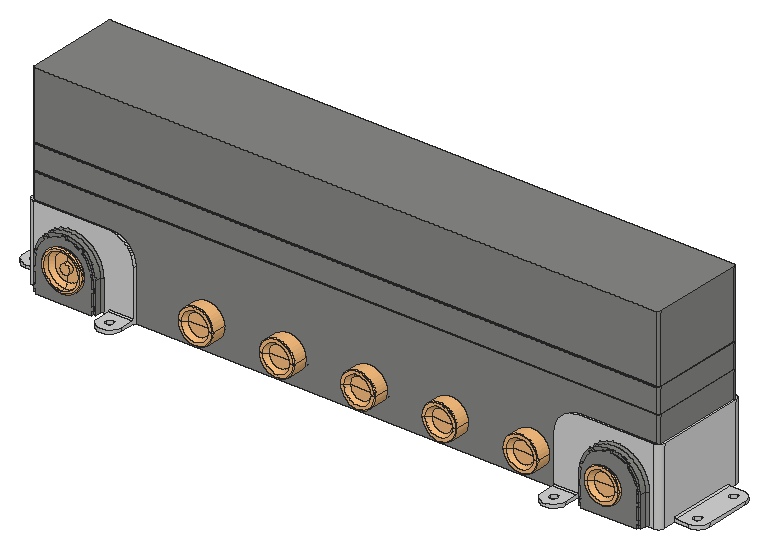
Revit family "Valve-Six_Outlet_Thermostatic-KOHLER-26344W_1", category Plumbing Fixtures, host Face, Revit 2017 (continued)
Definition of nested family "26344W"
  Lines and regions (in)
    symbolic lines, detail levels medium+fine
      curve 164: arc (2.74684, 0, 0.88574) -> (3.29801, 0, 0.33456) -> (3.84919, 0, 0.88574) r 0.55118
      curve 165: arc (2.76518, 0, 0.88574) -> (3.29801, 0, 0.3529) -> (3.83085, 0, 0.88574) r 0.53284
      curve 166: arc (3.72974, 0, 0.88574) -> (3.29801, 0, 0.45401) -> (2.86629, 0, 0.88574) r 0.43173
      curve 167: arc (3.63955, 0, 0.88574) -> (3.29801, 0, 0.54421) -> (2.95648, 0, 0.88574) r 0.34154
      curve 168: arc (3.29918, 0, 1.03768) -> (3.14926, 0, 0.88777) -> (3.29918, 0, 0.73785) r 0.14992
      curve 169: arc (3.29918, 0, 0.73785) -> (3.44909, 0, 0.88777) -> (3.29918, 0, 1.03768) r 0.14992
      curve 170: arc (2.95648, 0, 0.88574) -> (3.29801, 0, 1.22728) -> (3.63955, 0, 0.88574) r 0.34154
      curve 171: arc (2.86629, 0, 0.88574) -> (3.29801, 0, 1.31747) -> (3.72974, 0, 0.88574) r 0.43173
      curve 172: arc (3.83085, 0, 0.88574) -> (3.29801, 0, 1.41858) -> (2.76518, 0, 0.88574) r 0.53284
      curve 173: arc (3.84919, 0, 0.88574) -> (3.29801, 0, 1.43692) -> (2.74684, 0, 0.88574) r 0.55118
      curve 174: line (9.97041, 0, 0.01969) -> (9.97041, 0, 0.17181)
      curve 175: line (9.99852, 0, 0.01969) -> (9.64344, 0, 0.01969)
      curve 176: line (-9.97044, 0, 0.01969) -> (-9.97044, 0, 0.17181)
      curve 177: line (-9.99855, 0, 0.01969) -> (-9.64347, 0, 0.01969)
      curve 178: line (0, 1.84826, 0.01969) -> (0, 1.84826, 1.91975)
      curve 179: line (0, 1.84826, 0.01969) -> (0, 1.59449, 0.01969)
      curve 180: line (0, 1.59449, 0) -> (0, 1.59449, 2.01706)
      curve 181: line (0, 1.92913, 0.32868) -> (0, 1.92913, 1.63661)
      curve 182: line (0, 1.51532, 2.38189) -> (0, -1.51575, 2.38189)
      curve 183: line (0, -1.84826, 0.01969) -> (0, -1.84826, 1.91975)
      curve 184: line (0, -1.84826, 0.01969) -> (0, -1.59449, 0.01969)
      curve 185: line (0, -1.59449, 0) -> (0, -1.59449, 2.01706)
      curve 186: line (0, -1.92913, 0.32868) -> (0, -1.92913, 1.63661)
      curve 187: line (0, 1.92913, 0.11829) -> (0, 1.92913, 0)
      curve 188: line (0, -1.92913, 0.11829) -> (0, -1.92913, 0)
      curve 189: line (0, -1.96296, 0.01953) -> (0, -1.92913, 0.01953)
      curve 190: line (0, 1.96296, 0.01953) -> (0, 1.92913, 0.01953)
      curve 191: line (9.87198, 0, 5.63386) -> (-9.87206, 0, 5.63386)
      curve 192: line (0, 1.51532, 5.63386) -> (0, -1.51575, 5.63386)
      curve 193: arc (6.40728, 0, 0.88557) -> (5.85611, 0, 1.43675) -> (5.30493, 0, 0.88557) r 0.55118
      curve 194: arc (6.38894, 0, 0.88557) -> (5.85611, 0, 1.41841) -> (5.32327, 0, 0.88557) r 0.53284
      curve 195: arc (5.42438, 0, 0.88557) -> (5.85611, 0, 1.3173) -> (6.28783, 0, 0.88557) r 0.43173
      curve 196: arc (5.51457, 0, 0.88557) -> (5.85611, 0, 1.22711) -> (6.19764, 0, 0.88557) r 0.34154
      curve 197: arc (6.19764, 0, 0.88557) -> (5.85611, 0, 0.54404) -> (5.51457, 0, 0.88557) r 0.34154
      curve 198: arc (6.28783, 0, 0.88557) -> (5.85611, 0, 0.45385) -> (5.42438, 0, 0.88557) r 0.43173
      curve 199: arc (5.32327, 0, 0.88557) -> (5.85611, 0, 0.35274) -> (6.38894, 0, 0.88557) r 0.53284
      curve 200: arc (5.30493, 0, 0.88557) -> (5.85611, 0, 0.3344) -> (6.40728, 0, 0.88557) r 0.55118
      curve 201: arc (5.85726, 0, 1.03768) -> (5.70734, 0, 0.88777) -> (5.85726, 0, 0.73785) r 0.14992
      curve 202: arc (5.85726, 0, 0.73785) -> (6.00717, 0, 0.88777) -> (5.85726, 0, 1.03768) r 0.14992
      curve 203: arc (-9.79471, 1.51532, 0.88574) -> (-9.84906, 1.49281, 0.88574) -> (-9.87157, 1.43846, 0.88574) r 0.07686
      curve 204: arc (9.79328, -1.51575, 0.88574) -> (9.84897, -1.49268, 0.88574) -> (9.87204, -1.43698, 0.88574) r 0.07876
      curve 205: line (-9.79428, -1.51575, 0.88574) -> (9.79328, -1.51575, 0.88574)
    reference lines
      curve 206: line (-1.82014, 1.51532, 0.88574) -> (-1.82014, 7.19166, 0.88574)
      curve 207: line (0.73818, 1.51532, 0.88574) -> (0.73818, 7.19166, 0.88574)
      curve 208: line (3.29803, 1.51532, 0.88574) -> (3.29803, 7.19166, 0.88574)
      curve 209: line (5.85611, 1.51532, 0.88574) -> (5.85611, 7.19166, 0.88574)
      curve 217: line (8.41418, 1.51532, 0.88574) -> (8.41418, 5.9687, 0.88574)
      curve 218: line (-4.37846, 1.51532, 0.88574) -> (-4.37846, 6.69166, 0.88574)
    symbolic lines, detail levels coarse
      curve 210: line (-1.08357, 0, 4.80273) -> (1.08179, 0, 3.62163)
      curve 211: line (1.08179, 0, 4.80273) -> (-1.08357, 0, 3.62163)
      curve 212: line (-1.08357, 0, 3.62163) -> (-1.08357, 0, 4.80273)
      curve 213: line (1.08179, 0, 4.80273) -> (1.08179, 0, 3.62163)
      curve 214: line (-0.00089, 0, 4.21218) -> (-0.00089, 0, 3.14646)
      curve 215: line (-1.10075, 0, 3.14646) -> (1.06461, 0, 3.14646)
      curve 216: arc (-1.10075, 0, 3.14646) -> (-0.01807, 0, 2.38189) -> (1.06461, 0, 3.14646) r 1.14885
  Dimensions and locks (in)
    "Connector 2 Dist": plane 79 "C" to plane 61
    "Connector 3 Dist": plane 61 to plane 80 "D"
    "Connector 4 Dist": plane 61 to plane 81 "E"
    "Connector 5 Dist": plane 82 "F" to plane 61
    "Connector 6 Dist": plane 84 "G" to plane 61
    "Connector 1 Dist": plane 85 "B" to plane 61
    "Connector 2 Angle": angle curve 206 to plane 30
    "Connector 3 Angle": angle plane 36 to curve 207
    "Connector 4 Angle": angle curve 208 to plane 39
    "Connector 5 Angle": angle plane 42 to curve 209
    "Connector 6 Angle": angle plane 83 to curve 217
    "Connector 1 Angle": angle plane 33 to curve 218
    aligned and locked: plane 2 to level
    aligned and locked: plane 79 "C" to curve 206
    aligned and locked: plane 80 "D" to curve 207
    aligned and locked: plane 81 "E" to curve 208
    aligned and locked: plane 82 "F" to curve 209
    aligned and locked: Revolve 27 sketch curve to curve 206
    aligned and locked: Revolve 27 sketch curve to Revolve 27 sketch curve
    aligned and locked: Revolve 28 sketch curve to curve 207
    aligned and locked: Revolve 28 sketch curve to Revolve 28 sketch curve
    aligned and locked: Revolve 29 sketch curve to curve 208
    aligned and locked: Revolve 29 sketch curve to Revolve 29 sketch curve
    aligned and locked: Revolve 30 sketch curve to curve 209
    aligned and locked: Revolve 30 sketch curve to Revolve 30 sketch curve
    aligned and locked: plane 84 "G" to curve 217
    aligned and locked: Revolve 34 sketch curve to curve 217
    aligned and locked: Revolve 34 sketch curve to Revolve 34 sketch curve
    aligned and locked: plane 85 "B" to curve 218
    aligned and locked: Revolve 42 sketch curve to curve 218
    aligned and locked: Revolve 42 sketch curve to Revolve 42 sketch curve
    aligned and locked: Extrusion 35 to cut or joined group of Extrusion 1, Sweep 3, Extrusion 4, Sweep 16, Extrusion 17, Sweep 22, Extrusion 23, Extrusion 24, Extrusion 25, Extrusion 26
  Automatic sketch dimensions
    curve 1 to plane 14 = 0.00006"
    curve 3 to plane 66 = 0.00112"
    curve 3 to plane 24 = 0.02068"
    curve 2 to plane 53 = 0.01832"
    curve 4 to plane 45 = 0"
    curve 2 to plane 24 = 0.02068"
    curve 4 to plane 66 = 0.00061"
    curve 1 to plane 64 = 0.00149"
    curve 189 to plane 7 = 0"
    curve 188 to level = 0"
    plane 6 to curve 188 = 0"
    curve 185 to level = 0"
    curve 192 to plane 11 = 0"
    plane 8 to curve 182 = 0"
    curve 180 to level = 0"
    plane 6 to curve 187 = 0"
    curve 187 to level = 0"
    curve 190 to plane 7 = 0"
    plane 7 to curve 183 = 0.00015"
    plane 78 to curve 183 = 0.12046"
    plane 7 to curve 178 = 0.00015"
    plane 77 to curve 178 = 0.12044"
    curve 182 to plane 61 = 0.00018"
    curve 192 to plane 61 = 0.00018"
    plane 63 to curve 184 = 0.00018"
    plane 78 to curve 186 = 0.03959"
    plane 78 to curve 188 = 0.03959"
    plane 78 to curve 189 = 0.00576"
    curve 179 to plane 62 = 0.00018"
    plane 77 to curve 187 = 0.03956"
    plane 77 to curve 181 = 0.03956"
    plane 77 to curve 190 = 0.00574"
    plane 9 to curve 186 = 0.17484"
    plane 9 to curve 181 = 0.17484"
    plane 5 to curve 181 = 0.64739"
    plane 5 to curve 186 = 0.64739"
    curve 186 to curve 183 = 0.28314"
    curve 181 to curve 178 = 0.28314"
    curve 183 to curve 185 = 0.09731"
    curve 178 to curve 180 = 0.09731"
    curve 9 to curve 27 = 0"  (x2)
    curve 9 to curve 31 = 0"  (x2)
    curve 9 to curve 35 = 0"  (x2)
    curve 9 to curve 39 = 0"  (x2)
    curve 9 to curve 43 = 0"  (x2)
    curve 25 to curve 29 = 0"  (x2)
    curve 25 to curve 33 = 0"  (x2)
    curve 25 to curve 37 = 0"  (x2)
    curve 25 to curve 41 = 0"  (x2)
    curve 25 to curve 45 = 0"  (x2)
    curve 27 to curve 31 = 0"  (x2)
    curve 27 to curve 35 = 0"  (x2)
    curve 27 to curve 39 = 0"  (x2)
    curve 27 to curve 43 = 0"  (x2)
    curve 29 to curve 33 = 0"  (x2)
    curve 29 to curve 37 = 0"  (x2)
    curve 29 to curve 41 = 0"  (x2)
    curve 29 to curve 45 = 0"  (x2)
    curve 31 to curve 35 = 0"  (x2)
    curve 31 to curve 39 = 0"  (x2)
    curve 31 to curve 43 = 0"  (x2)
    curve 33 to curve 37 = 0"  (x2)
    curve 33 to curve 41 = 0"  (x2)
    curve 33 to curve 45 = 0"  (x2)
    curve 35 to curve 39 = 0"  (x2)
    curve 35 to curve 43 = 0"  (x2)
    curve 37 to curve 41 = 0"  (x2)
    curve 37 to curve 45 = 0"  (x2)
    curve 39 to curve 43 = 0"  (x2)
    curve 41 to curve 45 = 0"  (x2)
    curve 56 to curve 57 = 0"  (x2)
    curve 56 to curve 58 = 0"  (x2)
    curve 56 to curve 59 = 0"  (x2)
    curve 56 to curve 60 = 0"  (x2)
    curve 56 to curve 61 = 0"  (x2)
    curve 56 to curve 62 = 0"  (x2)
    curve 56 to curve 63 = 0"  (x2)
    curve 57 to curve 58 = 0"  (x2)
    curve 57 to curve 59 = 0"  (x2)
    curve 57 to curve 60 = 0"  (x2)
    curve 57 to curve 61 = 0"  (x2)
    curve 57 to curve 62 = 0"  (x2)
    curve 57 to curve 63 = 0"  (x2)
    curve 58 to curve 59 = 0"  (x2)
    curve 58 to curve 60 = 0"  (x2)
    curve 58 to curve 61 = 0"  (x2)
    curve 58 to curve 62 = 0"  (x2)
    curve 58 to curve 63 = 0"  (x2)
    curve 59 to curve 60 = 0"  (x2)
    curve 59 to curve 61 = 0"  (x2)
    curve 59 to curve 62 = 0"  (x2)
    curve 59 to curve 63 = 0"  (x2)
    curve 60 to curve 61 = 0"  (x2)
    curve 60 to curve 62 = 0"  (x2)
    curve 60 to curve 63 = 0"  (x2)
    curve 61 to curve 62 = 0"  (x2)
    curve 61 to curve 63 = 0"  (x2)
    curve 62 to curve 63 = 0"  (x2)
    curve 64 to curve 65 = 0"  (x2)
    curve 70 to curve 88 = 0"  (x2)
    curve 70 to curve 92 = 0"  (x2)
    curve 70 to curve 96 = 0"  (x2)
    curve 70 to curve 100 = 0"  (x2)
    curve 70 to curve 104 = 0"  (x2)
    curve 86 to curve 90 = 0"  (x2)
    curve 86 to curve 94 = 0"  (x2)
    curve 86 to curve 98 = 0"  (x2)
    curve 86 to curve 102 = 0"  (x2)
    curve 86 to curve 106 = 0"  (x2)
    curve 88 to curve 92 = 0"  (x2)
    curve 88 to curve 96 = 0"  (x2)
    curve 88 to curve 100 = 0"  (x2)
    curve 88 to curve 104 = 0"  (x2)
    curve 90 to curve 94 = 0"  (x2)
    curve 90 to curve 98 = 0"  (x2)
    curve 90 to curve 102 = 0"  (x2)
    curve 90 to curve 106 = 0"  (x2)
    curve 92 to curve 96 = 0"  (x2)
    curve 92 to curve 100 = 0"  (x2)
    curve 92 to curve 104 = 0"  (x2)
    curve 94 to curve 98 = 0"  (x2)
    curve 94 to curve 102 = 0"  (x2)
    curve 94 to curve 106 = 0"  (x2)
    curve 96 to curve 100 = 0"  (x2)
    curve 96 to curve 104 = 0"  (x2)
    curve 98 to curve 102 = 0"  (x2)
    curve 98 to curve 106 = 0"  (x2)
    curve 100 to curve 104 = 0"  (x2)
    curve 102 to curve 106 = 0"  (x2)
    curve 117 to curve 118 = 0"  (x2)
    curve 117 to curve 119 = 0"  (x2)
    curve 117 to curve 120 = 0"  (x2)
    curve 117 to curve 121 = 0"  (x2)
    curve 117 to curve 122 = 0"  (x2)
    curve 117 to curve 125 = 0"  (x2)
    curve 117 to curve 126 = 0"  (x2)
    curve 118 to curve 119 = 0"  (x2)
    curve 118 to curve 120 = 0"  (x2)
    curve 118 to curve 121 = 0"  (x2)
    curve 118 to curve 122 = 0"  (x2)
    curve 118 to curve 125 = 0"  (x2)
    curve 118 to curve 126 = 0"  (x2)
    curve 119 to curve 120 = 0"  (x2)
    curve 119 to curve 121 = 0"  (x2)
    curve 119 to curve 122 = 0"  (x2)
    curve 119 to curve 125 = 0"  (x2)
    curve 119 to curve 126 = 0"  (x2)
    curve 120 to curve 121 = 0"  (x2)
    curve 120 to curve 122 = 0"  (x2)
    curve 120 to curve 125 = 0"  (x2)
    curve 120 to curve 126 = 0"  (x2)
    curve 121 to curve 122 = 0"  (x2)
    curve 121 to curve 125 = 0"  (x2)
    curve 121 to curve 126 = 0"  (x2)
    curve 122 to curve 125 = 0"  (x2)
    curve 122 to curve 126 = 0"  (x2)
    curve 123 to curve 124 = 0"  (x2)
    curve 125 to curve 126 = 0"  (x2)
    curve 134 to curve 135 = 0"  (x2)
    curve 134 to curve 136 = 0"  (x2)
    curve 134 to curve 137 = 0"  (x2)
    curve 134 to curve 140 = 0"  (x2)
    curve 134 to curve 141 = 0"  (x2)
    curve 134 to curve 142 = 0"  (x2)
    curve 134 to curve 143 = 0"  (x2)
    curve 135 to curve 136 = 0"  (x2)
    curve 135 to curve 137 = 0"  (x2)
    curve 135 to curve 140 = 0"  (x2)
    curve 135 to curve 141 = 0"  (x2)
    curve 135 to curve 142 = 0"  (x2)
    curve 135 to curve 143 = 0"  (x2)
    curve 136 to curve 137 = 0"  (x2)
    curve 136 to curve 140 = 0"  (x2)
    curve 136 to curve 141 = 0"  (x2)
    curve 136 to curve 142 = 0"  (x2)
    curve 136 to curve 143 = 0"  (x2)
    curve 137 to curve 140 = 0"  (x2)
    curve 137 to curve 141 = 0"  (x2)
    curve 137 to curve 142 = 0"  (x2)
    curve 137 to curve 143 = 0"  (x2)
    curve 138 to curve 139 = 0"  (x2)
    curve 140 to curve 141 = 0"  (x2)
    curve 140 to curve 142 = 0"  (x2)
    curve 140 to curve 143 = 0"  (x2)
    curve 141 to curve 142 = 0"  (x2)
    curve 141 to curve 143 = 0"  (x2)
    curve 142 to curve 143 = 0"  (x2)
    curve 144 to curve 145 = 0"  (x2)
    curve 144 to curve 146 = 0"  (x2)
    curve 144 to curve 147 = 0"  (x2)
    curve 144 to curve 150 = 0"  (x2)
    curve 144 to curve 151 = 0"  (x2)
    curve 144 to curve 152 = 0"  (x2)
    curve 144 to curve 153 = 0"  (x2)
    curve 145 to curve 146 = 0"  (x2)
    curve 145 to curve 147 = 0"  (x2)
    curve 145 to curve 150 = 0"  (x2)
    curve 145 to curve 151 = 0"  (x2)
    curve 145 to curve 152 = 0"  (x2)
    curve 145 to curve 153 = 0"  (x2)
    curve 146 to curve 147 = 0"  (x2)
    curve 146 to curve 150 = 0"  (x2)
    curve 146 to curve 151 = 0"  (x2)
    curve 146 to curve 152 = 0"  (x2)
    curve 146 to curve 153 = 0"  (x2)
    curve 147 to curve 150 = 0"  (x2)
    curve 147 to curve 151 = 0"  (x2)
    curve 147 to curve 152 = 0"  (x2)
    curve 147 to curve 153 = 0"  (x2)
    curve 148 to curve 149 = 0"  (x2)
    curve 150 to curve 151 = 0"  (x2)
    curve 150 to curve 152 = 0"  (x2)
    curve 150 to curve 153 = 0"  (x2)
    curve 151 to curve 152 = 0"  (x2)
    curve 151 to curve 153 = 0"  (x2)
    curve 152 to curve 153 = 0"  (x2)
    curve 154 to curve 155 = 0"  (x2)
    curve 154 to curve 156 = 0"  (x2)
    curve 154 to curve 157 = 0"  (x2)
    curve 154 to curve 160 = 0"  (x2)
    curve 154 to curve 161 = 0"  (x2)
    curve 154 to curve 162 = 0"  (x2)
    curve 154 to curve 163 = 0"  (x2)
    curve 155 to curve 156 = 0"  (x2)
    curve 155 to curve 157 = 0"  (x2)
    curve 155 to curve 160 = 0"  (x2)
    curve 155 to curve 161 = 0"  (x2)
    curve 155 to curve 162 = 0"  (x2)
    curve 155 to curve 163 = 0"  (x2)
    curve 156 to curve 157 = 0"  (x2)
    curve 156 to curve 160 = 0"  (x2)
    curve 156 to curve 161 = 0"  (x2)
    curve 156 to curve 162 = 0"  (x2)
    curve 156 to curve 163 = 0"  (x2)
    curve 157 to curve 160 = 0"  (x2)
    curve 157 to curve 161 = 0"  (x2)
    curve 157 to curve 162 = 0"  (x2)
    curve 157 to curve 163 = 0"  (x2)
    curve 158 to curve 159 = 0"  (x2)
    curve 160 to curve 161 = 0"  (x2)
    curve 160 to curve 162 = 0"  (x2)
    curve 160 to curve 163 = 0"  (x2)
    curve 161 to curve 162 = 0"  (x2)
    curve 161 to curve 163 = 0"  (x2)
    curve 162 to curve 163 = 0"  (x2)
    curve 164 to curve 165 = 0"  (x2)
    curve 164 to curve 166 = 0"  (x2)
    curve 164 to curve 167 = 0"  (x2)
    curve 164 to curve 170 = 0"  (x2)
    curve 164 to curve 171 = 0"  (x2)
    curve 164 to curve 172 = 0"  (x2)
    curve 164 to curve 173 = 0"  (x2)
    curve 165 to curve 166 = 0"  (x2)
    curve 165 to curve 167 = 0"  (x2)
    curve 165 to curve 170 = 0"  (x2)
    curve 165 to curve 171 = 0"  (x2)
    curve 165 to curve 172 = 0"  (x2)
    curve 165 to curve 173 = 0"  (x2)
    curve 166 to curve 167 = 0"  (x2)
    curve 166 to curve 170 = 0"  (x2)
    curve 166 to curve 171 = 0"  (x2)
    curve 166 to curve 172 = 0"  (x2)
    curve 166 to curve 173 = 0"  (x2)
    curve 167 to curve 170 = 0"  (x2)
    curve 167 to curve 171 = 0"  (x2)
    curve 167 to curve 172 = 0"  (x2)
    curve 167 to curve 173 = 0"  (x2)
    curve 168 to curve 169 = 0"  (x2)
    curve 170 to curve 171 = 0"  (x2)
    curve 170 to curve 172 = 0"  (x2)
    curve 170 to curve 173 = 0"  (x2)
    curve 171 to curve 172 = 0"  (x2)
    curve 171 to curve 173 = 0"  (x2)
    curve 172 to curve 173 = 0"  (x2)
    curve 193 to curve 194 = 0"  (x2)
    curve 193 to curve 195 = 0"  (x2)
    curve 193 to curve 196 = 0"  (x2)
    curve 193 to curve 197 = 0"  (x2)
    curve 193 to curve 198 = 0"  (x2)
    curve 193 to curve 199 = 0"  (x2)
    curve 193 to curve 200 = 0"  (x2)
    curve 194 to curve 195 = 0"  (x2)
    curve 194 to curve 196 = 0"  (x2)
    curve 194 to curve 197 = 0"  (x2)
    curve 194 to curve 198 = 0"  (x2)
    curve 194 to curve 199 = 0"  (x2)
    curve 194 to curve 200 = 0"  (x2)
    curve 195 to curve 196 = 0"  (x2)
    curve 195 to curve 197 = 0"  (x2)
    curve 195 to curve 198 = 0"  (x2)
    curve 195 to curve 199 = 0"  (x2)
    curve 195 to curve 200 = 0"  (x2)
    curve 196 to curve 197 = 0"  (x2)
    curve 196 to curve 198 = 0"  (x2)
    curve 196 to curve 199 = 0"  (x2)
    curve 196 to curve 200 = 0"  (x2)
    curve 197 to curve 198 = 0"  (x2)
    curve 197 to curve 199 = 0"  (x2)
    curve 197 to curve 200 = 0"  (x2)
    curve 198 to curve 199 = 0"  (x2)
    curve 198 to curve 200 = 0"  (x2)
    curve 199 to curve 200 = 0"  (x2)
    curve 201 to curve 202 = 0"  (x2)
    curve 191 to plane 11 = 0"
    plane 14 to curve 191 = 0"
    curve 8 to plane 8 = 0"
    curve 54 to level = 0"
    curve 64 to plane 5 = 0"
    curve 16 to level = 0"
    curve 67 to plane 7 = 0"
    curve 67 to plane 9 = 0"
    curve 69 to plane 6 = 0"
    curve 6 to level = 0"
    curve 134 to plane 4 "A" = 0"
    curve 144 to plane 4 "A" = 0"
    curve 154 to plane 4 "A" = 0"
    curve 173 to plane 4 "A" = 0"
    curve 198 to plane 42 = 0"
    curve 127 to level = 0"
    curve 130 to plane 6 = 0"
    curve 133 to plane 7 = 0"
    curve 129 to plane 8 = 0"
    curve 77 to level = 0"
    curve 120 to plane 83 = 0"
    curve 115 to level = 0"
    plane 7 to curve 177 = 0.00015"
    plane 23 to curve 177 = 0.01979"
    curve 10 to plane 15 = 0"
    plane 16 to curve 48 = 0"
    plane 16 to curve 52 = 0"
    curve 44 to plane 16 = 0.01534"
    curve 42 to plane 16 = 0.04389"
    curve 53 to plane 9 = 0.01605"
    curve 53 to plane 16 = 0.05904"
    curve 49 to plane 16 = 0.05904"
    curve 47 to plane 16 = 0.05904"
    curve 44 to curve 44 = 0.05737"
    curve 42 to curve 42 = 0.05739"
    curve 40 to plane 16 = 0.31394"
    curve 40 to curve 40 = 0.03647"
    curve 39 to curve 38 = 0.09306"
    curve 38 to curve 38 = 0.03648"
    plane 27 to curve 36 = 0.05935"
    plane 27 to curve 64 = 0.00734"
    plane 27 to curve 33 = 0.0003"
    curve 39 to curve 25 = 0"
    plane 27 to curve 55 = 0.0003"
    plane 27 to curve 60 = 0"
    curve 34 to plane 27 = 0.05876"
    curve 32 to plane 18 = 0.44408"
    curve 32 to curve 32 = 0.03648"
    curve 33 to curve 30 = 0.09307"
    curve 30 to curve 30 = 0.03647"
    curve 28 to plane 18 = 0.10188"
    curve 26 to plane 18 = 0.07331"
    curve 17 to plane 9 = 0.01605"
    curve 17 to plane 18 = 0.05964"
    curve 20 to plane 18 = 0.05964"
    curve 23 to plane 18 = 0.05964"
    curve 28 to plane 18 = 0.04449"
    curve 26 to plane 18 = 0.01594"
    curve 19 to plane 18 = 0.00058"
    curve 21 to plane 18 = 0.00058"
    curve 8 to plane 19 = 0.04007"
    curve 67 to plane 19 = 0"
    curve 6 to plane 20 = 0.00004"
    curve 137 to plane 33 = 0.00161"
    curve 139 to plane 33 = 0.00105"
    curve 152 to plane 30 = 0"
    plane 30 to curve 148 = 0.00153"
    curve 215 to plane 22 = 0.16821"
    curve 210 to plane 22 = 0.18539"
    curve 216 to plane 3 "Center (Left/Right)" = 0.01807"
    curve 162 to plane 36 = 0"
    plane 36 to curve 158 = 0.00115"
    plane 35 to curve 211 = 0.20757"
    curve 172 to plane 39 = 0"
    plane 39 to curve 169 = 0.00115"
    plane 42 to curve 202 = 0.00115"
    curve 127 to plane 51 = 0.00007"
    curve 132 to plane 9 = 0.00027"
    plane 50 to curve 132 = 0.00084"
    curve 129 to plane 50 = 0.04004"
    plane 7 to curve 76 = 0.00015"
    plane 54 to curve 76 = 0.01365"
    plane 48 to curve 72 = 0.00056"
    curve 79 to plane 49 = 0.00056"
    curve 84 to plane 49 = 0.00056"
    curve 87 to plane 49 = 0.01591"
    curve 89 to plane 49 = 0.04446"
    curve 83 to curve 84 = 0.05906"
    curve 79 to curve 80 = 0.05906"
    curve 78 to plane 9 = 0.01605"
    curve 78 to curve 78 = 0.05906"
    curve 87 to curve 87 = 0.05737"
    curve 89 to curve 89 = 0.05739"
    curve 91 to plane 49 = 0.31451"
    curve 91 to curve 91 = 0.03647"
    curve 92 to curve 93 = 0.09306"
    curve 93 to curve 93 = 0.03648"
    plane 83 to curve 124 = 0.00173"
    plane 83 to curve 95 = 0.11928"
    curve 104 to plane 5 = 0.00477"
    plane 83 to curve 104 = 0.17834"
    curve 70 to curve 102 = 0"
    curve 86 to curve 116 = 0"
    curve 94 to curve 97 = 0.11811"
    curve 99 to plane 47 = 0.44351"
    curve 98 to curve 99 = 0.03648"
    curve 98 to curve 101 = 0.09307"
    curve 102 to curve 101 = 0.03647"
    curve 103 to plane 47 = 0.10131"
    curve 105 to plane 47 = 0.07274"
    curve 108 to plane 47 = 0.05907"
    curve 110 to plane 47 = 0.05907"
    curve 115 to plane 9 = 0.01605"
    curve 115 to plane 47 = 0.05907"
    curve 103 to plane 47 = 0.04392"
    curve 105 to plane 47 = 0.01537"
    curve 113 to plane 47 = 0"
    curve 110 to plane 47 = 0"
    plane 7 to curve 13 = 0.00015"
    plane 7 to curve 75 = 0.00015"
    plane 9 to curve 51 = 0.10206"
    plane 9 to curve 80 = 0.10206"
    plane 9 to curve 112 = 0.10206"
    plane 9 to curve 18 = 0.10206"
    curve 82 to plane 4 "A" = 0.25582"
    curve 109 to plane 4 "A" = 0.25582"
    curve 20 to plane 4 "A" = 0.25582"
    curve 48 to plane 4 "A" = 0.25582"
    curve 20 to curve 24 = 0.11811"
    curve 82 to curve 83 = 0.11811"
    curve 109 to curve 109 = 0.11811"
    curve 49 to curve 46 = 0.11811"
    curve 148 to plane 4 "A" = 0.00384"
    curve 124 to plane 4 "A" = 0.00211"
    curve 139 to plane 4 "A" = 0.00188"
    curve 121 to plane 4 "A" = 0.0002"
    curve 200 to plane 4 "A" = 0.00017"
    plane 4 "A" to curve 168 = 0.00202"
    plane 4 "A" to curve 201 = 0.00202"
    plane 4 "A" to curve 158 = 0.00202"
    curve 74 to plane 5 = 0.01014"
    curve 55 to plane 5 = 0.01014"
    curve 24 to plane 5 = 0.00496"
    curve 58 to curve 25 = 0"
    curve 98 to curve 70 = 0.0002"
    curve 25 to curve 9 = 0.0002"
    curve 86 to curve 87 = 0.0143"
    curve 44 to curve 44 = 0.0143"
    curve 106 to curve 105 = 0.0143"
    curve 26 to curve 26 = 0.0143"
    curve 42 to curve 42 = 0.01431"
    curve 103 to curve 103 = 0.01431"
    curve 28 to curve 28 = 0.01431"
    curve 89 to curve 89 = 0.01431"
    curve 30 to curve 30 = 0.04668"
    curve 102 to curve 101 = 0.04668"
    curve 91 to curve 91 = 0.04668"
    curve 40 to curve 40 = 0.04668"
    curve 38 to curve 38 = 0.04669"
    curve 93 to curve 93 = 0.04669"
    curve 32 to curve 32 = 0.04669"
    curve 99 to curve 99 = 0.04669"
    curve 97 to curve 97 = 0.05929"
    curve 36 to curve 36 = 0.05929"
    curve 215 to plane 8 = 0.76457"
    curve 214 to curve 216 = 0.38428"
    curve 216 to curve 211 = 0.47517"
    curve 215 to curve 210 = 0.47517"
    curve 213 to plane 11 = 0.83113"
    curve 210 to plane 11 = 0.83113"
    plane 13 to curve 176 = 0.00004"
    curve 177 to plane 13 = 0.02807"
    curve 8 to plane 14 = 0.00004"
    curve 134 to plane 31 = 0.00161"
    plane 31 to curve 135 = 0.01673"
    curve 135 to curve 136 = 0.10111"
    curve 136 to curve 137 = 0.09019"
    curve 144 to plane 21 = 0"
    plane 21 to curve 152 = 0.01849"
    curve 145 to curve 146 = 0.10079"
    curve 146 to curve 150 = 0.09036"
    curve 214 to plane 3 "Center (Left/Right)" = 0.00089"
    curve 154 to plane 34 = 0"
    plane 34 to curve 155 = 0.01833"
    curve 155 to curve 156 = 0.10111"
    curve 161 to curve 160 = 0.09019"
    curve 173 to plane 37 = 0"
    plane 37 to curve 165 = 0.01833"
    curve 165 to curve 166 = 0.10111"
    curve 166 to curve 167 = 0.09019"
    plane 40 to curve 193 = 0"
    curve 193 to curve 194 = 0.01834"
    curve 199 to curve 195 = 0.10111"
    curve 198 to curve 197 = 0.09019"
    curve 86 to curve 119 = 0.14647"
    curve 117 to curve 120 = 0.01834"
    curve 118 to curve 126 = 0.10111"
    curve 126 to curve 122 = 0.09019"
    curve 191 to plane 45 = 0.00007"
    plane 45 to curve 129 = 0.00014"
    plane 44 to curve 174 = 0.00007"
    curve 175 to plane 44 = 0.02804"
    plane 9 to curve 176 = 0.01796"
    plane 9 to curve 174 = 0.01796"
    plane 9 to curve 56 = 0.19078"
    curve 56 to curve 58 = 0.03924"
    curve 58 to curve 61 = 0.05692"
    curve 60 to curve 63 = 0.12098"
    curve 149 to curve 148 = 0.14992"
    curve 124 to curve 123 = 0.14992"
    curve 139 to curve 138 = 0.14992"
    curve 159 to plane 4 "A" = 0.14789"
    curve 169 to plane 4 "A" = 0.14789"
    curve 201 to curve 193 = 0.14773"
    curve 65 to plane 4 "A" = 0.04645"
    plane 13 to Masking region 1 sketch curve = 0.00006"
    plane 24 to Masking region 1 sketch curve = 0.00005"  (x2)
    Masking region 1 sketch curve to plane 53 = 0.00078"  (x2)
    plane 63 to Masking region 1 sketch curve = 0.00018"
    Masking region 1 sketch curve to plane 44 = 0.00077"
    plane 65 to Masking region 1 sketch curve = 0.00059"
    Masking region 2 sketch curve to plane 6 = 0"  (x2)
    Masking region 2 sketch curve to plane 7 = 0"  (x2)
    Masking region 2 sketch curve to level = 0"
    Masking region 2 sketch curve to plane 8 = 0"  (x2)
    Masking region 2 sketch curve to plane 10 = 0"
    Masking region 2 sketch curve to plane 12 = 0"
    Masking region 2 sketch curve to plane 13 = 0.09147"
    Masking region 2 sketch curve to plane 13 = 0.05365"
    Masking region 2 sketch curve to plane 13 = 0.02785"
    plane 13 to Masking region 2 sketch curve = 0.00004"  (x2)
    Masking region 2 sketch curve to plane 14 = 0.00004"
    Masking region 2 sketch curve to plane 45 = 0.00007"
    plane 44 to Masking region 2 sketch curve = 0.00007"  (x2)
    Masking region 2 sketch curve to plane 44 = 0.02782"
    Masking region 2 sketch curve to plane 44 = 0.05362"
    plane 9 to Masking region 2 sketch curve = 0.05608"
    Masking region 2 sketch curve to plane 44 = 0.09144"
    plane 43 to Masking region 2 sketch curve = 0"
    plane 9 to Masking region 2 sketch curve = 0.01796"
    Masking region 3 sketch curve to plane 7 = 0"  (x2)
    Masking region 3 sketch curve to plane 60 = 0"
    Masking region 3 sketch curve to level = 0"
    plane 6 to Masking region 3 sketch curve = 0"  (x2)
    plane 8 to Masking region 3 sketch curve = 0"  (x2)
    Masking region 3 sketch curve to plane 10 = 0"
    Masking region 3 sketch curve to plane 75 = 0"
    Masking region 3 sketch curve to plane 58 = 0"
    Masking region 3 sketch curve to plane 76 = 0.00019"
    plane 78 to Masking region 3 sketch curve = 0.00576"
    Masking region 3 sketch curve to Masking region 3 sketch curve = 0.03383"
    plane 78 to Masking region 3 sketch curve = 0.03959"  (x2)
    Masking region 3 sketch curve to Masking region 3 sketch curve = 0.08087"
    Masking region 3 sketch curve to plane 63 = 0.09796"
    Masking region 3 sketch curve to plane 63 = 0.09582"
    plane 63 to Masking region 3 sketch curve = 0.00018"
    Masking region 3 sketch curve to plane 61 = 0.00018"
    Masking region 3 sketch curve to plane 62 = 0.00018"
    Masking region 3 sketch curve to plane 62 = 0.09618"
    Masking region 3 sketch curve to plane 62 = 0.09832"
    plane 77 to Masking region 3 sketch curve = 0.12044"
    plane 77 to Masking region 3 sketch curve = 0.03956"  (x3)
    plane 77 to Masking region 3 sketch curve = 0.00574"
    plane 9 to Masking region 3 sketch curve = 0.17484"  (x2)
    Masking region 3 sketch curve to Masking region 3 sketch curve = 0.0398"  (x2)
    plane 5 to Masking region 3 sketch curve = 0.59334"  (x2)
    Masking region 3 sketch curve to Masking region 3 sketch curve = 0.05901"  (x2)
    Masking region 3 sketch curve to Masking region 3 sketch curve = 0.27787"  (x2)
    Masking region 3 sketch curve to Masking region 3 sketch curve = 0.03942"  (x2)
    Masking region 3 sketch curve to Masking region 3 sketch curve = 0.05968"  (x2)
    Extrusion 1 sketch curve to plane 14 = 0.00006"
    Extrusion 1 sketch curve to plane 24 = 0.02068"
    Extrusion 1 sketch curve to plane 61 = 0.00018"
    Extrusion 1 sketch curve to plane 24 = 0.02024"
    Extrusion 1 sketch curve to plane 53 = 0.01922"
    plane 66 to Extrusion 1 sketch curve = 0.00035"
    Extrusion 1 sketch curve to plane 53 = 0.01924"
    Extrusion 2 sketch curve to Extrusion 2 sketch curve = 0"  (x8)
    Extrusion 2 sketch curve to plane 12 = 0"
    Extrusion 2 sketch curve to plane 71 = 0"  (x2)
    plane 29 to Extrusion 2 sketch curve = 0"  (x2)
    Extrusion 2 sketch curve to plane 29 = 0.00076"
    Extrusion 2 sketch curve to plane 70 = 0"  (x2)
    Extrusion 2 sketch curve to plane 29 = 0.00082"
    Extrusion 2 sketch curve to plane 24 = 0.00895"
    Extrusion 2 sketch curve to plane 19 = 0"  (x2)
    plane 73 to Extrusion 2 sketch curve = 0"  (x2)
    Extrusion 2 sketch curve to plane 28 = 0"  (x2)
    plane 51 to Extrusion 2 sketch curve = 0"  (x2)
    Extrusion 2 sketch curve to plane 56 = 0"  (x2)
    plane 69 to Extrusion 2 sketch curve = 0"
    Extrusion 2 sketch curve to plane 53 = 0.00895"
    Extrusion 2 sketch curve to plane 57 = 0.00082"
    Extrusion 2 sketch curve to plane 57 = 0.00076"
    plane 57 to Extrusion 2 sketch curve = 0"  (x2)
    Extrusion 2 sketch curve to plane 43 = 0"
    Extrusion 2 sketch curve to plane 66 = 0.03234"  (x2)
    plane 74 to Extrusion 2 sketch curve = 0.00132"  (x2)
    plane 72 to Extrusion 2 sketch curve = 0.00006"  (x2)
    Extrusion 2 sketch curve to plane 71 = 0.02051"
    Extrusion 2 sketch curve to plane 64 = 0.00109"  (x2)
    Sweep 3 sketch curve to plane 15 = 0"
    plane 27 to Sweep 3 sketch curve = 0.00029"
    Sweep 3 sketch curve to plane 5 = 0.00493"
    Sweep 3 sketch curve to plane 7 = 0"  (x2)
    Sweep 3 sketch curve to profile plane = 0"  (x2)
    Sweep 3 sketch curve to profile plane = 1.85039"
    Sweep 3 sketch curve to Sweep 3 sketch curve = 0.16529"
    Sweep 3 sketch curve to Sweep 3 sketch curve = 0.26958"
    Sweep 3 sketch curve to profile plane = 0.31023"  (x2)
    profile plane to Sweep 3 sketch curve = 1.573"
    Sweep 3 sketch curve to Sweep 3 sketch curve = 0.10428"
    Sweep 3 sketch curve to Sweep 3 sketch curve = 0.17311"
    profile plane to Sweep 3 sketch curve = 0.07652"  (x2)
    Extrusion 4 sketch curve to Extrusion 4 sketch curve = 0"  (x51)
    plane 16 to Extrusion 4 sketch curve = 0"  (x2)
    Extrusion 4 sketch curve to plane 16 = 0.01535"
    Extrusion 4 sketch curve to plane 16 = 0.0439"
    Extrusion 4 sketch curve to plane 9 = 0.01622"  (x2)
    Extrusion 4 sketch curve to plane 16 = 0.05905"  (x3)
    Extrusion 4 sketch curve to Extrusion 4 sketch curve = 0.05737"
    Extrusion 4 sketch curve to Extrusion 4 sketch curve = 0.05739"
    Extrusion 4 sketch curve to plane 16 = 0.31395"
    Extrusion 4 sketch curve to Extrusion 4 sketch curve = 0.03647"  (x2)
    Extrusion 4 sketch curve to Extrusion 4 sketch curve = 0.09306"
    Extrusion 4 sketch curve to Extrusion 4 sketch curve = 0.03648"  (x2)
    plane 27 to Extrusion 4 sketch curve = 0.05934"
    plane 27 to Extrusion 4 sketch curve = 0.00029"
    Extrusion 4 sketch curve to plane 27 = 0.05877"
    Extrusion 4 sketch curve to plane 18 = 0.44406"
    Extrusion 4 sketch curve to Extrusion 4 sketch curve = 0.09307"
    Extrusion 4 sketch curve to plane 18 = 0.10187"
    Extrusion 4 sketch curve to plane 18 = 0.07329"
    Extrusion 4 sketch curve to plane 18 = 0.05963"  (x2)
    Extrusion 4 sketch curve to plane 5 = 0.00513"
    plane 17 to Extrusion 4 sketch curve = 0.099"
    Extrusion 4 sketch curve to plane 18 = 0.04448"
    Extrusion 4 sketch curve to plane 18 = 0.01593"
    Extrusion 4 sketch curve to plane 18 = 0.00057"  (x2)
    Extrusion 4 sketch curve to level = 0.00017"
    plane 9 to Extrusion 4 sketch curve = 0.10189"  (x2)
    Extrusion 4 sketch curve to plane 4 "A" = 0.25599"  (x2)
    Extrusion 4 sketch curve to Extrusion 4 sketch curve = 0.11811"  (x2)
    Extrusion 4 sketch curve to Extrusion 4 sketch curve = 0.0002"
    Extrusion 4 sketch curve to Extrusion 4 sketch curve = 0.0143"  (x2)
    Extrusion 4 sketch curve to Extrusion 4 sketch curve = 0.01431"  (x2)
    Extrusion 4 sketch curve to Extrusion 4 sketch curve = 0.04668"  (x2)
    Extrusion 4 sketch curve to Extrusion 4 sketch curve = 0.04669"  (x2)
    Extrusion 4 sketch curve to Extrusion 4 sketch curve = 0.05929"
    Revolve 5 sketch curve to plane 76 = 0"
    Revolve 5 sketch curve to plane 75 = 0"
    plane 78 to Revolve 5 sketch curve = 0.01764"
    plane 78 to Revolve 5 sketch curve = 0.11619"
    Revolve 5 sketch curve to plane 63 = 0.13688"
    Revolve 5 sketch curve to plane 5 = 0.00513"  (x2)
    Revolve 5 sketch curve to plane 62 = 0.13298"
    plane 77 to Revolve 5 sketch curve = 0.12044"
    plane 77 to Revolve 5 sketch curve = 0.02188"
    plane 5 to Revolve 5 sketch curve = 0.41737"  (x2)
    Revolve 5 sketch curve to Revolve 5 sketch curve = 0.12098"  (x2)
    Revolve 5 sketch curve to Revolve 5 sketch curve = 0.05483"
    Revolve 5 sketch curve to Revolve 5 sketch curve = 0.05891"
    Revolve 5 sketch curve to Revolve 5 sketch curve = 0.04133"
    Revolve 5 sketch curve to plane 1 "Center (Front/Back)" = 0.17236"
    Revolve 5 sketch curve to plane 71 = 0.03626"
    Revolve 6 sketch curve to plane 78 = 0"
    Revolve 6 sketch curve to plane 36 = 0"  (x2)
    plane 34 to Revolve 6 sketch curve = 0.20964"  (x2)
    plane 34 to Revolve 6 sketch curve = 0.11945"
    plane 77 to Revolve 6 sketch curve = 0.00003"
    plane 34 to Revolve 6 sketch curve = 0.11649"
    plane 34 to Revolve 6 sketch curve = 0.0213"
    plane 34 to Revolve 6 sketch curve = 0.01834"
    plane 34 to Revolve 6 sketch curve = 0"
    plane 78 to Revolve 6 sketch curve = 0.02619"
    plane 78 to Revolve 6 sketch curve = 0.12881"
    plane 77 to Revolve 6 sketch curve = 0.13306"
    plane 77 to Revolve 6 sketch curve = 0.03044"
    Revolve 6 sketch curve to plane 68 = 0.17452"
    Revolve 6 sketch curve to plane 1 "Center (Front/Back)" = 0.15535"
    Revolve 7 sketch curve to plane 30 = 0"  (x2)
    plane 21 to Revolve 7 sketch curve = 0.20964"  (x2)
    Revolve 7 sketch curve to plane 78 = 0.00023"
    plane 21 to Revolve 7 sketch curve = 0.11929"
    Revolve 7 sketch curve to plane 77 = 0"
    plane 21 to Revolve 7 sketch curve = 0.11648"
    plane 21 to Revolve 7 sketch curve = 0.02131"
    plane 21 to Revolve 7 sketch curve = 0.0185"
    plane 21 to Revolve 7 sketch curve = 0"
    plane 77 to Revolve 7 sketch curve = 0.03044"
    plane 77 to Revolve 7 sketch curve = 0.13305"
    plane 78 to Revolve 7 sketch curve = 0.12881"
    plane 78 to Revolve 7 sketch curve = 0.02619"
    Revolve 7 sketch curve to plane 1 "Center (Front/Back)" = 0.12724"
    Revolve 7 sketch curve to plane 68 = 0.20263"
    Revolve 8 sketch curve to plane 78 = 0"
    Revolve 8 sketch curve to plane 31 = 0.0016"
    plane 31 to Revolve 8 sketch curve = 0.01674"
    plane 77 to Revolve 8 sketch curve = 0.00032"
    plane 31 to Revolve 8 sketch curve = 0.01949"
    Revolve 8 sketch curve to Revolve 8 sketch curve = 0.09561"
    Revolve 8 sketch curve to Revolve 8 sketch curve = 0.10111"
    Revolve 8 sketch curve to Revolve 8 sketch curve = 0.09019"
    Revolve 8 sketch curve to Revolve 8 sketch curve = 0.09295"
    Revolve 8 sketch curve to plane 33 = 0.0016"  (x2)
    plane 78 to Revolve 8 sketch curve = 0.02619"
    plane 78 to Revolve 8 sketch curve = 0.12881"
    plane 77 to Revolve 8 sketch curve = 0.13306"
    plane 77 to Revolve 8 sketch curve = 0.03044"
    Revolve 8 sketch curve to plane 68 = 0.17452"
    Revolve 8 sketch curve to plane 1 "Center (Front/Back)" = 0.15535"
    plane 6 to Extrusion 9 sketch curve = 0.00766"
    Extrusion 9 sketch curve to plane 13 = 0.09145"
    plane 13 to Extrusion 9 sketch curve = 0.00742"
    plane 9 to Extrusion 9 sketch curve = 0.04876"
    plane 62 to Extrusion 10 sketch curve = 0.0129"
    plane 6 to Extrusion 10 sketch curve = 0.00748"
    Extrusion 10 sketch curve to plane 62 = 0.05802"
    plane 9 to Extrusion 10 sketch curve = 0.0363"
    plane 63 to Extrusion 11 sketch curve = 0.009"
    plane 6 to Extrusion 11 sketch curve = 0.00748"
    Extrusion 11 sketch curve to plane 63 = 0.06193"
    plane 9 to Extrusion 11 sketch curve = 0.0363"
    Extrusion 12 sketch curve to plane 27 = 0.01118"
    Extrusion 12 sketch curve to plane 5 = 0.00948"
    Revolve 13 sketch curve to plane 78 = 0"
    Revolve 13 sketch curve to plane 39 = 0"  (x2)
    plane 37 to Revolve 13 sketch curve = 0.22755"
    plane 37 to Revolve 13 sketch curve = 0.20964"
    plane 37 to Revolve 13 sketch curve = 0.11945"
    plane 77 to Revolve 13 sketch curve = 0.00011"
    plane 37 to Revolve 13 sketch curve = 0.11655"
    plane 37 to Revolve 13 sketch curve = 0.02124"
    plane 37 to Revolve 13 sketch curve = 0.01834"
    plane 37 to Revolve 13 sketch curve = 0"
    plane 78 to Revolve 13 sketch curve = 0.02619"
    plane 78 to Revolve 13 sketch curve = 0.12881"
    plane 77 to Revolve 13 sketch curve = 0.15863"
    plane 77 to Revolve 13 sketch curve = 0.03044"
    Revolve 13 sketch curve to plane 68 = 0.17452"
    Revolve 13 sketch curve to plane 1 "Center (Front/Back)" = 0.15535"
    plane 13 to Extrusion 14 sketch curve = 0.00006"
    plane 63 to Extrusion 14 sketch curve = 0.00018"
    Extrusion 14 sketch curve to plane 24 = 0.00074"
    plane 24 to Extrusion 14 sketch curve = 0.00005"
    Extrusion 14 sketch curve to plane 62 = 0.00018"
    Extrusion 14 sketch curve to plane 20 = 0.18767"
    plane 8 to Extrusion 15 sketch curve = 0.00017"
    Extrusion 15 sketch curve to plane 13 = 0.19163"
    Extrusion 15 sketch curve to plane 19 = 0.04005"
    Extrusion 15 sketch curve to plane 20 = 0.00006"
    Extrusion 15 sketch curve to level = 0.15642"
    Extrusion 15 sketch curve to Extrusion 15 sketch curve = 0.46186"
    Extrusion 15 sketch curve to plane 8 = 0.49983"
    plane 46 to Sweep 16 sketch curve = 0"
    Sweep 16 sketch curve to plane 5 = 0.00493"
    plane 83 to Sweep 16 sketch curve = 0.17834"
    Sweep 16 sketch curve to plane 7 = 0"  (x2)
    Sweep 16 sketch curve to profile plane = 0"  (x2)
    Sweep 16 sketch curve to profile plane = 1.85039"
    Sweep 16 sketch curve to Sweep 16 sketch curve = 0.17311"
    Sweep 16 sketch curve to Sweep 16 sketch curve = 0.10428"  (x2)
    profile plane to Sweep 16 sketch curve = 0.24773"  (x2)
    profile plane to Sweep 16 sketch curve = 1.58082"
    Sweep 16 sketch curve to Sweep 16 sketch curve = 0.16529"
    Sweep 16 sketch curve to profile plane = 0.07652"  (x2)
    Extrusion 17 sketch curve to Extrusion 17 sketch curve = 0"  (x51)
    Extrusion 17 sketch curve to plane 47 = 0"  (x2)
    Extrusion 17 sketch curve to plane 47 = 0.01537"
    Extrusion 17 sketch curve to plane 47 = 0.04392"
    Extrusion 17 sketch curve to plane 9 = 0.01622"  (x2)
    Extrusion 17 sketch curve to Extrusion 17 sketch curve = 0.05906"  (x3)
    Extrusion 17 sketch curve to Extrusion 17 sketch curve = 0.05737"
    Extrusion 17 sketch curve to Extrusion 17 sketch curve = 0.05739"
    Extrusion 17 sketch curve to plane 47 = 0.31397"
    Extrusion 17 sketch curve to Extrusion 17 sketch curve = 0.03647"  (x2)
    Extrusion 17 sketch curve to Extrusion 17 sketch curve = 0.09306"
    Extrusion 17 sketch curve to Extrusion 17 sketch curve = 0.03648"  (x2)
    plane 83 to Extrusion 17 sketch curve = 0.23739"
    Extrusion 17 sketch curve to plane 5 = 0.00493"
    plane 83 to Extrusion 17 sketch curve = 0.17834"
    Extrusion 17 sketch curve to Extrusion 17 sketch curve = 0.11811"  (x3)
    Extrusion 17 sketch curve to plane 83 = 0.31321"
    Extrusion 17 sketch curve to Extrusion 17 sketch curve = 0.09307"
    Extrusion 17 sketch curve to plane 49 = 0.10185"
    Extrusion 17 sketch curve to plane 49 = 0.07328"
    Extrusion 17 sketch curve to plane 49 = 0.05961"  (x2)
    Extrusion 17 sketch curve to plane 5 = 0.00513"
    plane 48 to Extrusion 17 sketch curve = 0.09898"
    Extrusion 17 sketch curve to plane 49 = 0.04446"
    Extrusion 17 sketch curve to plane 49 = 0.01591"
    Extrusion 17 sketch curve to plane 49 = 0.00056"  (x2)
    Extrusion 17 sketch curve to Extrusion 17 sketch curve = 0.0143"  (x2)
    Extrusion 17 sketch curve to Extrusion 17 sketch curve = 0.01431"  (x2)
    Extrusion 17 sketch curve to Extrusion 17 sketch curve = 0.04668"  (x2)
    Extrusion 17 sketch curve to Extrusion 17 sketch curve = 0.04669"  (x2)
    Extrusion 17 sketch curve to Extrusion 17 sketch curve = 0.05929"
    Extrusion 17 sketch curve to plane 4 "A" = 0.13788"  (x2)
    plane 9 to Extrusion 17 sketch curve = 0.10189"  (x2)
    Extrusion 17 sketch curve to level = 0.00017"
    Revolve 18 sketch curve to plane 78 = 0"
    plane 77 to Revolve 18 sketch curve = 0"
    Revolve 18 sketch curve to plane 83 = 0"  (x2)
    plane 77 to Revolve 18 sketch curve = 0.15863"
    Revolve 18 sketch curve to Revolve 18 sketch curve = 0.32363"
    plane 78 to Revolve 18 sketch curve = 0.12881"
    Revolve 18 sketch curve to Revolve 18 sketch curve = 0.34154"
    Revolve 18 sketch curve to Revolve 18 sketch curve = 0.09019"
    Revolve 18 sketch curve to Revolve 18 sketch curve = 0.11107"
    Revolve 18 sketch curve to Revolve 18 sketch curve = 0.09516"
    Revolve 18 sketch curve to Revolve 18 sketch curve = 0.10111"
    Revolve 18 sketch curve to Revolve 18 sketch curve = 0.02131"
    plane 78 to Revolve 18 sketch curve = 0.02619"
    plane 77 to Revolve 18 sketch curve = 0.03044"
    Revolve 18 sketch curve to plane 68 = 0.17452"
    Revolve 18 sketch curve to plane 1 "Center (Front/Back)" = 0.15535"
    Extrusion 19 sketch curve to plane 44 = 0.00007"
    Extrusion 19 sketch curve to plane 63 = 0.00018"
    plane 53 to Extrusion 19 sketch curve = 0.00073"
    Extrusion 19 sketch curve to plane 53 = 0.00006"
    plane 62 to Extrusion 19 sketch curve = 0.00018"
    plane 41 to Extrusion 19 sketch curve = 0.02905"
    Revolve 20 sketch curve to plane 78 = 0"
    Revolve 20 sketch curve to plane 42 = 0"  (x2)
    plane 40 to Revolve 20 sketch curve = 0.22755"
    plane 40 to Revolve 20 sketch curve = 0.20964"
    plane 40 to Revolve 20 sketch curve = 0.11945"
    plane 77 to Revolve 20 sketch curve = 0.00011"
    plane 40 to Revolve 20 sketch curve = 0.11655"
    plane 40 to Revolve 20 sketch curve = 0.02124"
    plane 40 to Revolve 20 sketch curve = 0.01834"
    plane 40 to Revolve 20 sketch curve = 0"
    plane 78 to Revolve 20 sketch curve = 0.02619"
    plane 78 to Revolve 20 sketch curve = 0.12881"
    plane 77 to Revolve 20 sketch curve = 0.15863"
    plane 77 to Revolve 20 sketch curve = 0.03044"
    Revolve 20 sketch curve to plane 68 = 0.17452"
    Revolve 20 sketch curve to plane 1 "Center (Front/Back)" = 0.15535"
    Extrusion 21 sketch curve to plane 8 = 0"
    plane 41 to Extrusion 21 sketch curve = 0.10633"
    Extrusion 21 sketch curve to plane 51 = 0"
    Extrusion 21 sketch curve to plane 50 = 0.04063"
    Extrusion 21 sketch curve to plane 57 = 0.14205"
    Extrusion 21 sketch curve to level = 0.27349"
    Extrusion 21 sketch curve to Extrusion 21 sketch curve = 0.4133"
    Sweep 22 sketch curve to plane 14 = 0.00006"
    Sweep 22 sketch curve to plane 24 = 0.02068"
    Sweep 22 sketch curve to plane 61 = 0.00018"
    Sweep 22 sketch curve to plane 24 = 0.02024"
    Sweep 22 sketch curve to plane 53 = 0.01922"
    plane 66 to Sweep 22 sketch curve = 0.00035"
    Sweep 22 sketch curve to plane 53 = 0.01924"
    profile plane to Sweep 22 sketch curve = 0.01974"  (x2)
    Sweep 22 sketch curve to profile plane = 0.02661"  (x2)
    level to Sweep 22 sketch curve = 3.16929"
    Sweep 22 sketch curve to Sweep 22 sketch curve = 0.03937"  (x2)
    Sweep 22 sketch curve to Sweep 22 sketch curve = 0.74803"
    plane 27 to Extrusion 23 sketch curve = 0"
    Extrusion 23 sketch curve to plane 5 = 0.00513"
    plane 27 to Extrusion 24 sketch curve = 0"
    Extrusion 24 sketch curve to plane 5 = 0.00513"
    Extrusion 25 sketch curve to plane 83 = 0"
    Extrusion 25 sketch curve to plane 4 "A" = 0.00036"
    Extrusion 26 sketch curve to plane 83 = 0"
    Extrusion 26 sketch curve to plane 4 "A" = 0.00036"
    curve 203 to plane 64 = 0.00149"
    plane 66 to curve 204 = 0.00035"
    curve 205 to plane 61 = 0.00018"
    curve 205 to plane 53 = 0.01924"
    curve 203 to plane 24 = 0.02068"
    curve 205 to plane 24 = 0.02024"
    curve 206 to Revolve 27 sketch curve = 0.1392"
    curve 206 to Revolve 27 sketch curve = 41/128"
    Revolve 27 sketch curve to Revolve 27 sketch curve = 0.13305"
    Revolve 27 sketch curve to Revolve 27 sketch curve = 0.0533"
    Revolve 27 sketch curve to Revolve 27 sketch curve = 0.09898"
    curve 207 to Revolve 28 sketch curve = 0.12062"
    curve 207 to Revolve 28 sketch curve = 41/128"
    Revolve 28 sketch curve to Revolve 28 sketch curve = 0.10262"
    Revolve 28 sketch curve to Revolve 28 sketch curve = 0.05131"
    Revolve 28 sketch curve to Revolve 28 sketch curve = 0.06839"
    curve 208 to Revolve 29 sketch curve = 0.13817"
    curve 208 to Revolve 29 sketch curve = 0.29475"
    Revolve 29 sketch curve to Revolve 29 sketch curve = 0.12819"
    Revolve 29 sketch curve to Revolve 29 sketch curve = 0.03838"
    Revolve 29 sketch curve to Revolve 29 sketch curve = 0.06833"
    curve 209 to Revolve 30 sketch curve = 0.13806"
    curve 209 to Revolve 30 sketch curve = 0.29475"
    Revolve 30 sketch curve to Revolve 30 sketch curve = 0.12819"
    Revolve 30 sketch curve to Revolve 30 sketch curve = 0.0438"
    Revolve 30 sketch curve to Revolve 30 sketch curve = 0.04988"
    plane 6 to Extrusion 31 sketch curve = 0.00766"
    Extrusion 31 sketch curve to plane 44 = 0.09145"
    plane 44 to Extrusion 31 sketch curve = 0.00742"
    plane 9 to Extrusion 31 sketch curve = 0.04876"
    plane 62 to Extrusion 32 sketch curve = 0.0129"
    plane 6 to Extrusion 32 sketch curve = 0.00748"
    Extrusion 32 sketch curve to plane 62 = 0.05802"
    plane 9 to Extrusion 32 sketch curve = 0.0363"
    plane 63 to Extrusion 33 sketch curve = 0.009"
    plane 6 to Extrusion 33 sketch curve = 0.00748"
    Extrusion 33 sketch curve to plane 63 = 0.06193"
    plane 9 to Extrusion 33 sketch curve = 0.0363"
    curve 217 to Revolve 34 sketch curve = 0.11928"
    curve 217 to Revolve 34 sketch curve = 0.29475"
    Revolve 34 sketch curve to Revolve 34 sketch curve = 0.11906"
    Revolve 34 sketch curve to Revolve 34 sketch curve = 0.03693"
    Revolve 34 sketch curve to Revolve 34 sketch curve = 0.09986"
    plane 13 to Extrusion 35 sketch curve = 0.00006"
    plane 44 to Extrusion 35 sketch curve = 0.00007"
    plane 63 to Extrusion 35 sketch curve = 0.00018"
    Extrusion 35 sketch curve to plane 62 = 0.00018"
    Extrusion 36 sketch curve to plane 7 = 0.00017"
    Extrusion 36 sketch curve to plane 41 = 0.09679"
    Extrusion 36 sketch curve to plane 44 = 0.1301"
    Extrusion 36 sketch curve to plane 8 = 0.13747"
    plane 48 to Extrusion 37 sketch curve = 0.00056"
    plane 5 to Extrusion 37 sketch curve = 0.00648"
    plane 83 to Extrusion 37 sketch curve = 0.17834"
    Extrusion 37 sketch curve to level = 0.00017"
    Extrusion 38 sketch curve to plane 70 = 0"  (x2)
    Extrusion 38 sketch curve to plane 12 = 0"
    plane 69 to Extrusion 38 sketch curve = 0"  (x2)
    plane 13 to Extrusion 38 sketch curve = 0.00006"  (x2)
    Extrusion 38 sketch curve to plane 19 = 0"  (x2)
    Extrusion 38 sketch curve to plane 28 = 0"
    plane 51 to Extrusion 38 sketch curve = 0"
    Extrusion 38 sketch curve to plane 56 = 0"  (x2)
    plane 44 to Extrusion 38 sketch curve = 0.00007"  (x2)
    Extrusion 38 sketch curve to plane 43 = 0"
    plane 63 to Extrusion 38 sketch curve = 0.00018"  (x2)
    plane 74 to Extrusion 38 sketch curve = 0.00261"
    Extrusion 38 sketch curve to plane 74 = 0.01032"
    plane 62 to Extrusion 38 sketch curve = 0.00012"
    Extrusion 38 sketch curve to plane 62 = 0.00018"
    Extrusion 38 sketch curve to plane 73 = 0.00414"
    Extrusion 38 sketch curve to plane 73 = 0.01115"
    Extrusion 39 sketch curve to Extrusion 39 sketch curve = 0"  (x14)
    Extrusion 39 sketch curve to plane 30 = 0"
    Extrusion 39 sketch curve to plane 36 = 0"
    Extrusion 39 sketch curve to plane 39 = 0"
    Extrusion 39 sketch curve to plane 42 = 0"
    Extrusion 39 sketch curve to plane 83 = 0"
    Extrusion 39 sketch curve to plane 4 "A" = 0.00017"  (x5)
    Extrusion 39 sketch curve to plane 33 = 0.0016"
    plane 27 to Extrusion 39 sketch curve = 0"
    Extrusion 39 sketch curve to plane 4 "A" = 0.00036"
    Extrusion 39 sketch curve to plane 5 = 0.00513"
    plane 21 to Extrusion 39 sketch curve = 0"
    plane 32 to Extrusion 39 sketch curve = 0.0016"
    plane 34 to Extrusion 39 sketch curve = 0"
    plane 37 to Extrusion 39 sketch curve = 0"
    plane 40 to Extrusion 39 sketch curve = 0"
    Extrusion 39 sketch curve to plane 49 = 0.20608"
    plane 9 to Extrusion 39 sketch curve = 0.19061"
    plane 7 to Extrusion 40 sketch curve = 0.00017"
    plane 20 to Extrusion 40 sketch curve = 0.11993"
    plane 13 to Extrusion 40 sketch curve = 0.13011"
    plane 8 to Extrusion 40 sketch curve = 0.13747"
    Extrusion 41 sketch curve to plane 17 = 0.00057"
    Extrusion 41 sketch curve to plane 27 = 0.00029"
    level to Extrusion 41 sketch curve = 0.00017"
    Extrusion 41 sketch curve to plane 5 = 0.00648"
    plane 64 to curve 4 = 0.00134"
    curve 182 to plane 59 = 0.00025"
    curve 192 to plane 59 = 0.00025"
    Masking region 3 sketch curve to plane 59 = 0.00025"
    plane 64 to Extrusion 1 sketch curve = 0.00044"
    plane 64 to Sweep 22 sketch curve = 0.00044"
    curve 203 to plane 59 = 0.00025"
    curve 218 to Revolve 42 sketch curve = 0.1087"
    curve 218 to Revolve 42 sketch curve = 41/128"
    Revolve 42 sketch curve to Revolve 42 sketch curve = 0.10262"
    Revolve 42 sketch curve to Revolve 42 sketch curve = 0.05131"
    Revolve 42 sketch curve to Revolve 42 sketch curve = 0.07444"
    curve 217 to plane 83 = 0"
    curve 218 to plane 33 = 0"
    curve 209 to plane 42 = 0"
    curve 208 to plane 39 = 0"
    curve 207 to plane 36 = 0"
    curve 206 to plane 30 = 0"
    radius of Extrusion 2 sketch curve = 0.12529"  (x4)
    radius of Extrusion 2 sketch curve = 0.12354"  (x2)
    radius of Extrusion 2 sketch curve = 0.12415"  (x2)
    radius of Extrusion 12 sketch curve = 0.14992"
    radius of Extrusion 23 sketch curve = 0.55979"
    radius of Extrusion 24 sketch curve = 0.56419"
    radius of Extrusion 25 sketch curve = 0.4505"
    radius of Extrusion 26 sketch curve = 0.47389"
